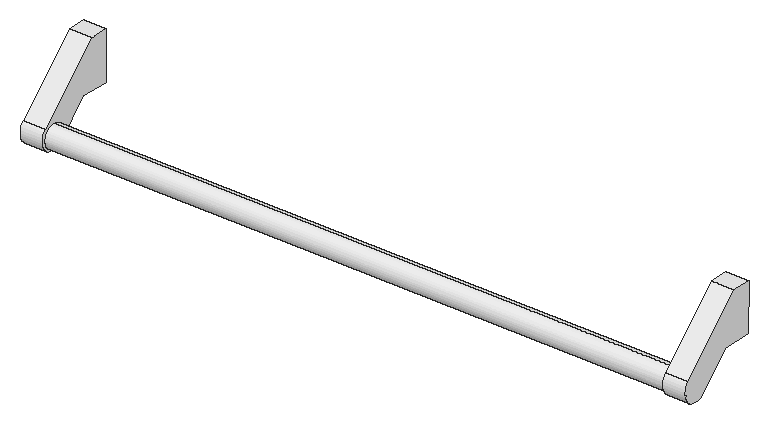
Revit family
Parameters
  Manufacturer = "Revit"
  Material Ironmongery = Ironmongery Handle
  Handle Z Distance = 0 mm
  Handle X Offset = 65 mm
  Handle Length [instance] = 870 mm
Reference planes
  plane 1 "Center (Front/Back)": y = 0
  plane 2: z = 0
  plane 3 "Center (Left/Right)": x = 0
  plane 4: z = 0
  plane 5: x = 65
  plane 6: x = 1000
  plane 7: x = 935
  plane 8: y = -45.526
Forms (mm)
  Extrusion 1, solid, material "Ironmongery Handle" <- "Material Ironmongery"
    sketch origin (65, 0, 0) x (0, 0, -1) y (0, -1, 0)
      loop
        line (0, 0) -> (65, 0) -> (65, 38.376) -> (103.054, 76.43)
        arc (103.054, 76.43) -> (103.054, 101.681) -> (77.802, 101.681) r 17.855
        line (77.802, 101.681) -> (0, 23.879) -> (0, 0)
    from -15 to 15
  Extrusion 2, solid, material "Ironmongery Handle" <- "Material Ironmongery"
    sketch origin (935, 0, 0) x (0, 0, -1) y (0, -1, 0)
      loop
        line (0, 0) -> (65, 0) -> (65, 38.376) -> (103.054, 76.43)
        arc (103.054, 76.43) -> (103.054, 101.681) -> (77.802, 101.681) r 17.855
        line (77.802, 101.681) -> (0, 23.879) -> (0, 0)
    from -15 to 15
  Extrusion 3, solid, material "Ironmongery Handle" <- "Material Ironmongery"
    sketch origin (65, 0, 0) x (0, 0, -1) y (0, -1, 0)
      loop
        circle (90.428, 89.056) r 15
    from -855 to -15
Dimensions and locks
  "Handle Z Distance": plane 4 to level
  "Handle X Offset": plane 5 to plane 3 "Center (Left/Right)"
  "Handle X Offset": plane 7 to plane 6
  Extrusion 1 to plane 5 to Extrusion 1 = 15 mm locked, 15 mm locked
  Extrusion 2 to plane 7 to Extrusion 2 = 15 mm locked, 15 mm locked
  "Handle Length": plane 5 to plane 7
  aligned and locked: Extrusion 3 to Extrusion 2
  aligned and locked: Extrusion 3 to Extrusion 1
Automatic sketch dimensions
  Extrusion 1 sketch curve to plane 1 "Center (Front/Back)" = 0 mm
  Extrusion 1 sketch curve to plane 4 = 0 mm
  Extrusion 1 sketch curve to plane 8 = 7.149 mm
  plane 4 to Extrusion 1 sketch curve = 65 mm
  Extrusion 1 sketch curve to Extrusion 1 sketch curve = 12.802 mm
  Extrusion 1 sketch curve to Extrusion 1 sketch curve = 12.626 mm  (x3)
  plane 8 to Extrusion 1 sketch curve = 30.904 mm
  Extrusion 1 sketch curve to plane 8 = 21.647 mm
  Extrusion 2 sketch curve to plane 1 "Center (Front/Back)" = 0 mm
  Extrusion 2 sketch curve to plane 4 = 0 mm
  Extrusion 2 sketch curve to plane 8 = 7.149 mm
  plane 4 to Extrusion 2 sketch curve = 65 mm
  Extrusion 2 sketch curve to Extrusion 2 sketch curve = 12.802 mm
  Extrusion 2 sketch curve to Extrusion 2 sketch curve = 12.626 mm  (x3)
  plane 8 to Extrusion 2 sketch curve = 30.904 mm
  Extrusion 2 sketch curve to plane 8 = 21.647 mm
  plane 8 to Extrusion 3 sketch curve = 43.53 mm
  plane 4 to Extrusion 3 sketch curve = 90.428 mm
  radius of Extrusion 3 sketch curve = 15 mm
